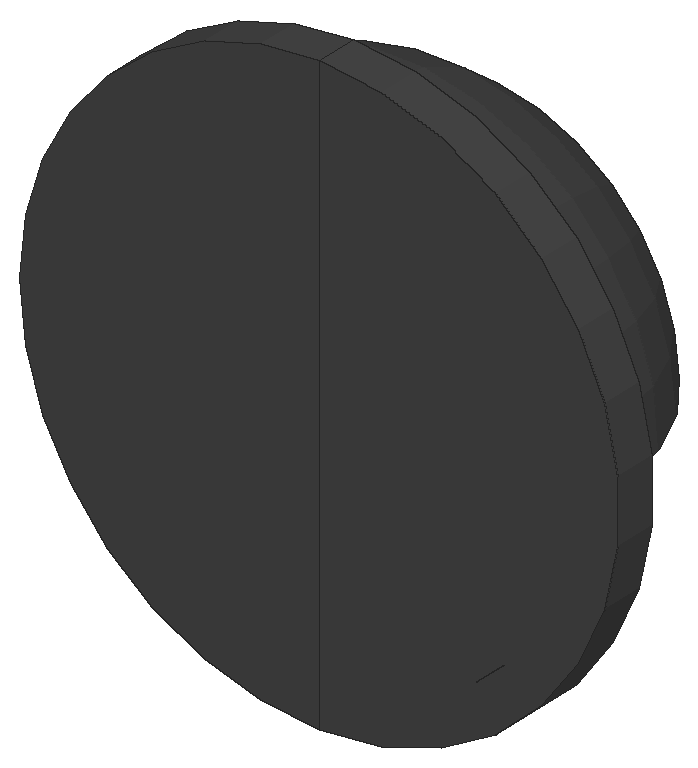
Revit family
Parameters (values of type "Wall Mounted")
  Wattage = 9.2903 W
  built-in parameter 1150110 = 1 (stored number, unit not read)
  built-in parameter 1114217 = 1 (stored number, unit not read)
  built-in parameter 1150109 = 1 (stored number, unit not read)
  built-in parameter 1150134 = 3
  built-in parameter 1150113 = 1 (stored number, unit not read)
  Material Light Fitting = Metal - Black
  Material Lamp Glazing = Glass - White Frosted
  built-in parameter 1150105 = 109.82 (stored number, unit not read)
  Lumens = 1380 lm
  built-in parameter 1150115 = 1 (stored number, unit not read)
  Light Source Symbol Size = 609.6 mm
  built-in parameter 1150137 = (empty or 0)
  built-in parameter 1150139 = (empty or 0)
  built-in parameter 1150112 = 1 (stored number, unit not read)
  built-in parameter 1150114 = 1 (stored number, unit not read)
  Keynote = "V"
  built-in parameter 1150132 = 2
  built-in parameter 1150102 = (empty or 0)
  built-in parameter 1150107 = 3200 (stored number, unit not read)
  built-in parameter 1150138 = (empty or 0)
  built-in parameter 1150106 = 1.0982 (stored number, unit not read)
  Fixture Height = 1800 mm
  built-in parameter 1150104 = 13.8 (stored number, unit not read)
  Dimming Lamp Color Temperature Shift = (empty or 0)
  Color Filter = 16777215
  built-in parameter 1114218 = 1 (stored number, unit not read)
  built-in parameter 1150133 = 10 (stored number, unit not read)
Reference planes
  plane 1: y = 0
  plane 2 "Light Source Axis (L/R)": x = 125
  plane 3 "Light Plate": y = 100
  plane 4 "Light Source Elevation": z = 2278.661
  plane 5: y = 75
  plane 6: z = 478.661
  plane 7 "Light Source Axis (F/R)": y = 250
Forms (mm)
  Revolve 1, solid, material "Metal - Black" <- "Material Light Fitting"
    sketch origin (125, 0, 3600) x (0, 1, 0) y (0, 0, -1)
      loop
        line (75, 1321.339) -> (80, 1321.339) -> (80, 1471.339) -> (100, 1471.339) -> (100, 1496.339) -> (75, 1496.339) -> (75, 1321.339)
      axis (75, 1321.339) -> (100, 1321.339)
    angle from 0 to 360
  Revolve 2, solid, material "Glass - White Frosted" <- "Material Lamp Glazing"
    sketch origin (125, 0, 3600) x (0, 1, 0) y (0, 0, -1)
      loop
        line (80, 1471.339) -> (80, 1321.339) -> (230, 1321.339)
        arc (230, 1321.339) -> (193.359, 1420.917) -> (100, 1471.339) r 150
        line (100, 1471.339) -> (80, 1471.339)
      axis (80, 1321.339) -> (230, 1321.339)
    angle from 0 to 360
  Revolve 3, solid, material "Metal - Black" <- "Material Light Fitting"
    sketch origin (125, 0, 3600) x (0, 1, 0) y (0, 0, 1)
      loop
        arc (100, -1481.422) -> (200.563, -1428.063) -> (240.189, -1321.339) r 160
        line (240.189, -1321.339) -> (230.189, -1321.339)
        arc (230.189, -1321.339) -> (193.477, -1420.974) -> (100, -1471.339) r 150
        line (100, -1471.339) -> (100, -1481.422)
      axis (100, -1321.339) -> (240.189, -1321.339)
    angle from 270 to 90
Text (mm)
  text "Placement side" at (-1787.139, 1116.779, 0), in view "Ref. Level"
  text "Placement side" at (0, 2110.396, 2986.058), in view "Left"
  text "Placement side" at (0, 628.478, 3011.967), in view "Right"
Dimensions and locks
  "Fixture Height": plane 4 "Light Source Elevation" to level
  "Fixture Height": plane 6 to plane 4 "Light Source Elevation"
  locked: plane 7 "Light Source Axis (F/R)" to plane 3 "Light Plate" at 150
  aligned and locked: plane 2 "Light Source Axis (L/R)" to imposter light
  aligned and locked: imposter light to plane 7 "Light Source Axis (F/R)"
  aligned and locked: plane 4 "Light Source Elevation" to imposter light
Automatic sketch dimensions
  Revolve 1 sketch curve to host wall = 0 mm  (x2)
  Revolve 1 sketch curve to plane 4 "Light Source Elevation" = 0 mm  (x2)
  Revolve 1 sketch curve to plane 3 "Light Plate" = 0 mm
  Revolve 1 sketch curve to Revolve 1 sketch curve = 5 mm
  Revolve 1 sketch curve to plane 3 "Light Plate" = 130 mm
  plane 4 "Light Source Elevation" to Revolve 1 sketch curve = 150 mm
  Revolve 1 sketch curve to Revolve 1 sketch curve = 25 mm
  Revolve 2 sketch curve to plane 4 "Light Source Elevation" = 0 mm  (x2)
  Revolve 2 sketch curve to plane 3 "Light Plate" = 0 mm
  plane 4 "Light Source Elevation" to Revolve 2 sketch curve = 1.339 mm
  host wall to Revolve 2 sketch curve = 5.006 mm
  Revolve 2 sketch curve to Revolve 2 sketch curve = 0.006 mm
  host wall to Revolve 2 sketch curve = 145 mm
  Revolve 2 sketch curve to plane 3 "Light Plate" = 130 mm
  Revolve 2 sketch curve to Revolve 2 sketch curve = 310 mm
  Revolve 3 sketch curve to Revolve 3 sketch curve = 0 mm  (x2)
  Revolve 3 sketch curve to plane 4 "Light Source Elevation" = 0 mm  (x2)
  Revolve 3 sketch curve to plane 3 "Light Plate" = 0 mm
  Revolve 3 sketch curve to plane 4 "Light Source Elevation" = 1.313 mm
  host wall to Revolve 3 sketch curve = 5.195 mm
  host wall to Revolve 3 sketch curve = 15 mm
  Revolve 3 sketch curve to plane 3 "Light Plate" = 130.189 mm
  Revolve 3 sketch curve to Revolve 3 sketch curve = 10 mm
  Revolve 3 sketch curve to Revolve 3 sketch curve = 139.811 mm
